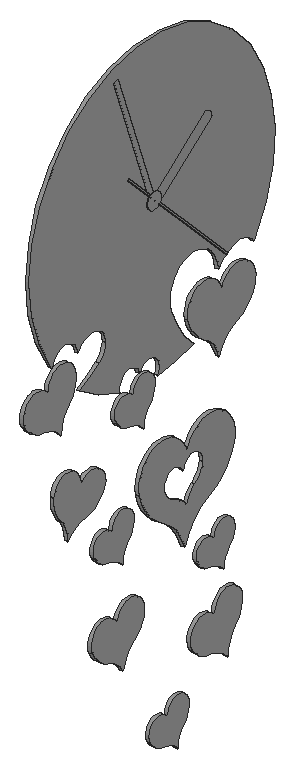
Revit family "Wall_Clock_588", category Planting, Revit 2020
Family settings
  OmniClass Number = 23.40.05.00
  OmniClass Title = Plants and Planting Products
  Work Plane-Based = No
  Always vertical = Yes
  Cut with Voids When Loaded = No
  Render Appearance Source = Family Geometry
  Shared = No
Parameters
  Height = 1 m
  Default Elevation = 0 m
Reference planes (m)
  plane 1 "Center (Front/Back)": y = 0
  plane 2: z = 0
  plane 3 "Center (Left/Right)": x = 0
Dimensions and locks (m)
  aligned and locked: level to plane 2
Nested families (m)
  nested 1: "Family3" at (0, 0.06, 0) x (-1, 0, 0) z (0, 0, 1), type "Family3"
Definition of nested family "Family3"
  Parameters
    Height = 5.7912 m
    Default Elevation = 0 m
  Reference planes (m)
    plane 1 "Center (Front/Back)": y = 0
    plane 2: z = 0
    plane 3 "Center (Left/Right)": x = 0
  Forms (m)
    Extrusion 1, solid
      sketch origin (0.02, 0, 0) x (0, 1, 0) y (0, 0, -1)
        loop
          arc (-0.249512, -1.219499) -> (-0.27787, -1.244883) -> (-0.313116, -1.259243) r 0.111424
          arc (-0.313116, -1.259243) -> (-0.346637, -1.256447) -> (-0.372791, -1.235294) r 0.0572
          arc (-0.372791, -1.235294) -> (-0.012703, -1.89839) -> (0.328229, -1.225244) r 0.426047
          arc (0.328229, -1.225244) -> (0.282741, -1.263481) -> (0.237429, -1.225037) r 0.04605
          arc (0.237429, -1.225037) -> (0.210363, -1.249022) -> (0.174273, -1.251356) r 0.055757
          arc (0.174273, -1.251356) -> (0.150365, -1.235295) -> (0.141098, -1.208025) r 0.04499
          arc (0.141098, -1.208025) -> (0.146689, -1.184714) -> (0.162309, -1.16653) r 0.051016
          arc (0.162309, -1.16653) -> (0.195677, -1.14511) -> (0.231133, -1.127359) r 0.372464
          arc (0.231133, -1.127359) -> (0.165423, -1.088234) -> (0.093777, -1.061486) r 0.426047
          arc (0.093777, -1.061486) -> (0.0692, -1.10586) -> (0.024843, -1.081252) r 0.035856
          arc (0.024843, -1.081252) -> (-0.025715, -1.098316) -> (-0.03984, -1.04686) r 0.03669
          arc (-0.03984, -1.04686) -> (-0.102375, -1.054616) -> (-0.163082, -1.071512) r 0.426047
          arc (-0.163082, -1.071512) -> (-0.115868, -1.124046) -> (-0.084203, -1.187184) r 0.265081
          arc (-0.084203, -1.187184) -> (-0.090301, -1.256167) -> (-0.14569, -1.297735) r 0.08503
          arc (-0.14569, -1.297735) -> (-0.215783, -1.282744) -> (-0.249512, -1.219499) r 0.08503
      from 0 to 0.01
    Extrusion 2, solid
      sketch origin (0.02, 0, 0) x (0, 1, 0) y (0, 0, -1)
        loop
          arc (0.340573, -1.168262) -> (0.406943, -1.179823) -> (0.418251, -1.113409) r 0.047547
          arc (0.418251, -1.113409) -> (0.391305, -1.088838) -> (0.356619, -1.077584) r 0.086334
          arc (0.356619, -1.077584) -> (0.323188, -1.067402) -> (0.296125, -1.045292) r 0.090321
          arc (0.296125, -1.045292) -> (0.289805, -1.080454) -> (0.270347, -1.110415) r 0.090321
          arc (0.270347, -1.110415) -> (0.250906, -1.141267) -> (0.245937, -1.177393) r 0.086334
          arc (0.245937, -1.177393) -> (0.297913, -1.221105) -> (0.340573, -1.168262) r 0.047547
        loop
          arc (-0.261028, -1.16392) -> (-0.190131, -1.209751) -> (-0.144571, -1.138681) r 0.059581
          arc (-0.144571, -1.138681) -> (-0.163621, -1.097146) -> (-0.19812, -1.067182) r 0.108184
          arc (-0.19812, -1.067182) -> (-0.231697, -1.039069) -> (-0.252088, -1.000315) r 0.11318
          arc (-0.252088, -1.000315) -> (-0.276594, -1.037779) -> (-0.313708, -1.062811) r 0.11318
          arc (-0.313708, -1.062811) -> (-0.351238, -1.088879) -> (-0.374658, -1.128117) r 0.108184
          arc (-0.374658, -1.128117) -> (-0.336108, -1.203986) -> (-0.261028, -1.16392) r 0.059581
        loop
          arc (0.044757, -1.032021) -> (0.096042, -1.040954) -> (0.104779, -0.989635) r 0.03674
          arc (0.104779, -0.989635) -> (0.083958, -0.970649) -> (0.057157, -0.961953) r 0.06671
          arc (0.057157, -0.961953) -> (0.031325, -0.954086) -> (0.010413, -0.937001) r 0.069791
          arc (0.010413, -0.937001) -> (0.00553, -0.964171) -> (-0.009506, -0.987322) r 0.069791
          arc (-0.009506, -0.987322) -> (-0.024528, -1.011161) -> (-0.028368, -1.039076) r 0.06671
          arc (-0.028368, -1.039076) -> (0.011794, -1.072852) -> (0.044757, -1.032021) r 0.03674
        loop
          arc (0.228312, -0.891687) -> (0.270944, -0.942279) -> (0.321374, -0.899454) r 0.046693
          arc (0.321374, -0.899454) -> (0.316613, -0.863961) -> (0.297624, -0.8336) r 0.084783
          arc (0.297624, -0.8336) -> (0.278901, -0.804837) -> (0.272499, -0.771121) r 0.088698
          arc (0.272499, -0.771121) -> (0.245549, -0.793583) -> (0.211998, -0.803839) r 0.088698
          arc (0.211998, -0.803839) -> (0.177898, -0.814777) -> (0.151356, -0.838817) r 0.084783
          arc (0.151356, -0.838817) -> (0.162863, -0.904511) -> (0.228312, -0.891687) r 0.046693
        loop
          arc (0.117867, -0.72535) -> (0.169151, -0.734283) -> (0.177888, -0.682965) r 0.03674
          arc (0.177888, -0.682965) -> (0.157068, -0.663979) -> (0.130266, -0.655283) r 0.06671
          arc (0.130266, -0.655283) -> (0.104434, -0.647416) -> (0.083522, -0.630331) r 0.069791
          arc (0.083522, -0.630331) -> (0.078639, -0.657501) -> (0.063603, -0.680652) r 0.069791
          arc (0.063603, -0.680652) -> (0.048581, -0.704491) -> (0.044741, -0.732406) r 0.06671
          arc (0.044741, -0.732406) -> (0.084903, -0.766182) -> (0.117867, -0.72535) r 0.03674
        loop
          arc (-0.12688, -0.771768) -> (-0.081296, -0.790075) -> (-0.063163, -0.744422) r 0.034669
          arc (-0.063163, -0.744422) -> (-0.078656, -0.722813) -> (-0.101689, -0.709528) r 0.06295
          arc (-0.101689, -0.709528) -> (-0.123988, -0.697198) -> (-0.139938, -0.677326) r 0.065857
          arc (-0.139938, -0.677326) -> (-0.149776, -0.701446) -> (-0.168196, -0.719865) r 0.065857
          arc (-0.168196, -0.719865) -> (-0.186738, -0.738921) -> (-0.195759, -0.763933) r 0.06295
          arc (-0.195759, -0.763933) -> (-0.165316, -0.802989) -> (-0.12688, -0.771768) r 0.034669
        loop
          arc (-0.139801, -0.812185) -> (-0.038388, -0.875317) -> (0.024358, -0.773664) r 0.084309
          arc (0.024358, -0.773664) -> (-0.003598, -0.715359) -> (-0.053132, -0.673797) r 0.153084
          arc (-0.053132, -0.673797) -> (-0.101315, -0.634833) -> (-0.1311, -0.580494) r 0.160154
          arc (-0.1311, -0.580494) -> (-0.164868, -0.634091) -> (-0.216774, -0.670403) r 0.160154
          arc (-0.216774, -0.670403) -> (-0.269244, -0.70819) -> (-0.301432, -0.76427) r 0.153084
          arc (-0.301432, -0.76427) -> (-0.24506, -0.870682) -> (-0.139801, -0.812185) r 0.084309
        loop
          arc (0.101326, -0.491768) -> (0.163325, -0.515419) -> (0.186739, -0.453331) r 0.046832
          arc (0.186739, -0.453331) -> (0.165304, -0.42451) -> (0.133883, -0.40711) r 0.085035
          arc (0.133883, -0.40711) -> (0.103474, -0.390983) -> (0.081463, -0.364519) r 0.088962
          arc (0.081463, -0.364519) -> (0.068744, -0.397328) -> (0.044299, -0.422639) r 0.088962
          arc (0.044299, -0.422639) -> (0.019705, -0.448815) -> (0.008111, -0.48281) r 0.085035
          arc (0.008111, -0.48281) -> (0.050149, -0.534842) -> (0.101326, -0.491768) r 0.046832
        loop
          arc (-0.236273, -0.5546) -> (-0.18841, -0.5638) -> (-0.179392, -0.515902) r 0.034399
          arc (-0.179392, -0.515902) -> (-0.198573, -0.497789) -> (-0.223521, -0.48921) r 0.062459
          arc (-0.223521, -0.48921) -> (-0.247575, -0.481423) -> (-0.266872, -0.465088) r 0.065344
          arc (-0.266872, -0.465088) -> (-0.271887, -0.490442) -> (-0.286341, -0.511869) r 0.065344
          arc (-0.286341, -0.511869) -> (-0.300793, -0.53394) -> (-0.304844, -0.56001) r 0.062459
          arc (-0.304844, -0.56001) -> (-0.267799, -0.592285) -> (-0.236273, -0.5546) r 0.034399
        loop
          arc (-0.238041, -0.362662) -> (-0.172669, -0.374049) -> (-0.161532, -0.308634) r 0.046832
          arc (-0.161532, -0.308634) -> (-0.188072, -0.284433) -> (-0.222236, -0.273348) r 0.085035
          arc (-0.222236, -0.273348) -> (-0.255164, -0.263319) -> (-0.28182, -0.241542) r 0.088962
          arc (-0.28182, -0.241542) -> (-0.288045, -0.276175) -> (-0.307211, -0.305685) r 0.088962
          arc (-0.307211, -0.305685) -> (-0.326359, -0.336073) -> (-0.331254, -0.371656) r 0.085035
          arc (-0.331254, -0.371656) -> (-0.28006, -0.41471) -> (-0.238041, -0.362662) r 0.046832
        loop
          arc (-0.07467, -0.182456) -> (-0.024452, -0.191203) -> (-0.015897, -0.140953) r 0.035975
          arc (-0.015897, -0.140953) -> (-0.036284, -0.122362) -> (-0.062529, -0.113847) r 0.065322
          arc (-0.062529, -0.113847) -> (-0.087823, -0.106143) -> (-0.1083, -0.089414) r 0.068339
          arc (-0.1083, -0.089414) -> (-0.113082, -0.116018) -> (-0.127805, -0.138688) r 0.068339
          arc (-0.127805, -0.138688) -> (-0.142514, -0.162031) -> (-0.146274, -0.189365) r 0.065322
          arc (-0.146274, -0.189365) -> (-0.106948, -0.222439) -> (-0.07467, -0.182456) r 0.035975
      from 0 to 0.01
    Extrusion 3, solid
      sketch origin (0.02, 0, 0) x (0, 1, 0) y (0, 0, -1)
        loop
          line (0.116841, -1.840542) -> (-0.011416, -1.488157) -> (-0.025512, -1.493288) -> (0.102746, -1.845672) -> (0.116841, -1.840542)
      from 0.01 to 0.012312
    Extrusion 4, solid
      sketch origin (0.02, 0, 0) x (0, 1, 0) y (0, 0, -1)
        loop
          line (-0.023677, -1.498328) -> (-0.039368, -1.477505) -> (-0.221425, -1.609777)
          arc (-0.221425, -1.609777) -> (-0.217807, -1.625833) -> (-0.20337, -1.633736) r 0.019996
          line (-0.20337, -1.633736) -> (-0.023677, -1.498328)
      from 0.01 to 0.012312
    Extrusion 5, solid
      sketch origin (0, 0, 0) x (0, 1, 0) y (0, 0, 1)
        loop
          circle (-0.020919, 1.491399) r 0.02231
      from 0.004862 to 0.01
    Extrusion 6, solid
      sketch origin (0, 0, 0) x (0, 1, 0) y (0, 0, 1)
        loop
          line (0.064466, 1.581799) -> (-0.279352, 1.247109) -> (-0.275802, 1.243559) -> (0.068016, 1.578248) -> (0.064466, 1.581799)
      from 0.007575 to 0.007998
  Dimensions and locks (m)
    aligned and locked: level to plane 2
